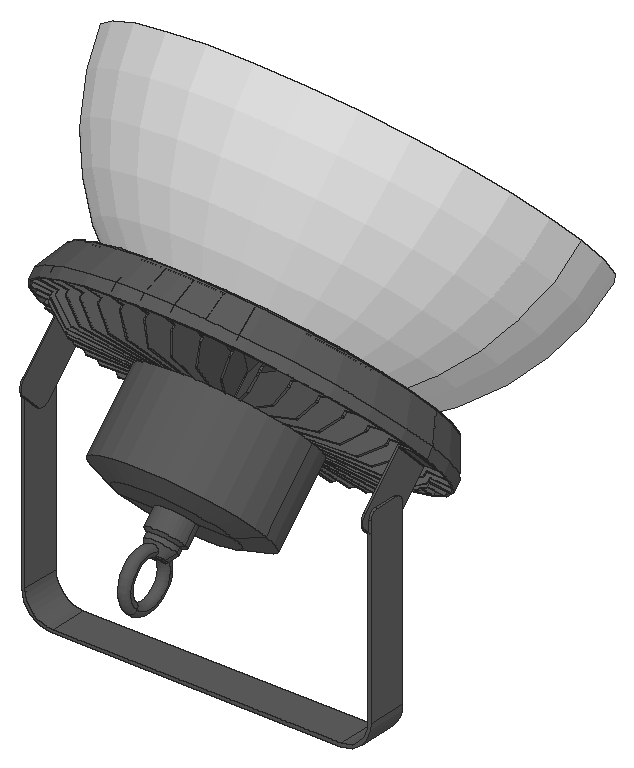
Revit family "0039367+0039355+0039359 Sylvania Lighting Fixture START HighBay IP65 DALI 26000lm 840 WB with BRACKET and ALU SHADE ALU COLOR FOR 26KLM", category Lighting Fixtures, host Face, Revit 2016
Family settings
  Host = Face
  Part Type = Normal
  Round Connector Dimension = Use Diameter
  OmniClass Number = 23.80.70.00
  OmniClass Title = Lighting
  Cut with Voids When Loaded = No
  Light Source = No
  Shared = No
  Room Calculation Point = No
Parameters (values of type "0039367+0039355+0039359  START HighBay IP65 DALI 26000lm 840 WB with BRACKET and ALU SHADE ALU COLOR FOR 26KLM")
  Weight = "3.7 kg"
  Wattage Comments = ""
  WarrantyStartDate [instance] = "n/a"
  WarrantyGuarantorParts = "n/a"
  WarrantyDurationUnit = "n/a"
  WarrantyDurationParts = "n/a"
  WarrantyDescription = "n/a"
  Voltage = 0 V
  URL = "http://www.sylvania-lighting.com"
  TypeName = "START HighBay IP65 DALI 26000lm 840 WB with BRACKET and ALU SHADE ALU COLOR FOR 26KLM"
  TypeHead_FEILO = Start LED Highbay DALI Head : 0039367+0039355+0039359 START HighBay IP65 DALI 26000lm 840 WB with BRACKET and ALU SHADE ALU COLOR FOR 26KLM
  Type Image = <None>
  Type Comments = "n/a"
  TiltAngle_FEILO [instance] = 45.00°
  ThicknessBracketPlate_FEILO = 3 mm
  SizeBracketS_FEILO = no
  SizeBracketM_FEILO = no
  SerialNumber [instance] = "n/a"
  RadiusBracketTop_FEILO = 7 mm
  RadiusBendOut_FEILO = if(SizeBracketS_FEILO, 18 mm, if(SizeBracketM_FEILO, 24 mm, 28 mm))  # 28 mm
  RadiusBendIn_FEILO = RadiusBendOut_FEILO - ThicknessBracketPlate_FEILO  # 25 mm
  Material_3_FEILO = none
  PowerFactor = 0.95
  PowerConsumption = "190 W"
  NominalLength = 339 mm
  NominalHeight = 189 mm
  NominalDepth = 339 mm
  Name = "START HighBay IP65 DALI 26000lm 840 WB with BRACKET and ALU SHADE ALU COLOR FOR 26KLM"
  ModelReference = Name  # "START HighBay IP65 DALI 26000lm 840 WB with BRACKET and ALU SHADE ALU COLOR FOR 26KLM"
  ModelNumber = "0039367+0039355+0039359"
  Model = Name  # "START HighBay IP65 DALI 26000lm 840 WB with BRACKET and ALU SHADE ALU COLOR FOR 26KLM"
  Material = "aluminium alloy housing, polycarbonate diffuser"
  ManufacturerName = "Feilo Sylvania"
  Manufacturer = "Feilo Sylvania"
  LuminousEfficacy = "130 lm/W"
  LuminaireType = ""
  LightOutputRatio = "n/a"
  LampsType = Lamp  # "LED"
  LampNominalLuminous = "24700 lm"
  LampMacAdamStep = "6"
  LampColourTemperature = "6500 K"
  LampColourRenderingIndex = "80"
  Lamp = "LED"
  Keynote = "16500"
  InstallationDate [instance] = "n/a"
  InputVoltage = "n/a"
  InputNominalFrequency = "50/60 Hz"
  IngressProtection = "IP65"
  ImpactProtectionIndex = "IK08"
  IfcExportType = "IfcLightFixtureType"
  IfcExportAs = "IfcLightFixtureType"
  ExpectedLife = 50000
  EndAngle_FEILO [instance] = TiltAngle_FEILO + 180.00°  # 225.00°
  ElectricShockClassification = "Class I"
  DurationUnit = "hours"
  DocumentationLiterature = "http://www.sylvania-lighting.com/product/en-int/products/0039367"
  DimmingControlOptions = "Dimmable"
  Material_2_FEILO = none
  Description = "START Highbay, includes 1 m cables, black aluminium housing, 24,700 Lm, 190 W, 130 Lm/W, 6500 K, drive current: 4100 mA, CRI 80, 90° beam angle, DALI dimmable, IP65, IK08, 50,000 hrs (L80/B50), (D x H) 339 x 189 mm."
  Default Elevation = 1219.2 mm
  CreatedOn = "5/15/2018"
  CreatedBy = "aron.fodor@sylvania-lighting.com"
  Cost = 0
  built-in parameter 1114216 [instance] = (empty or 0)
  ClassificationValue = "EF_70_80"
  ClassificationName = "Uniclass2015"
  Material_1_FEILO = Body-Sylvania-StartHighbay-Black
  BracketHeight_FEILO = if(SizeBracketS_FEILO, 199.5 mm, if(SizeBracketM_FEILO, 209.6 mm, 201.3 mm))  # 201.3 mm
  BracketDistanceInner_FEILO = if(SizeBracketS_FEILO, 249.4 mm, if(SizeBracketM_FEILO, 273.6 mm, 313.2 mm))  # 313.2 mm
  BarCode [instance] = "n/a"
  AssetType = "Fixed"
  AssetIdentifier [instance] = "n/a"
  Assembly Code = "D5020200"
  Apparent Load = 190 VA
  Material_4_FEILO = none
Reference planes
  plane 1 "Center (Front/Back)": y = 0
  plane 2: z = 0
  plane 3 "Center (Left/Right)": x = 0
  plane 4: x = -159.6
  plane 5: x = 159.6
  plane 6: z = 201.3
  plane 7: x = -156.6
  plane 8: z = 3
  plane 9: x = 156.6
  plane 10: y = 17.5
  plane 11: y = -17.5
  plane 12: y = -19.5
  plane 13: z = 203.3
  plane 14: y = 19.5
  plane 15: z = 192.3
Forms (mm)
  Extrusion 1, solid, material "Body-Sylvania-StartHighbay-Black" <- "Material_1_FEILO"
    sketch origin (0, 0, 0) x (1, 0, 0) y (0, 0, 1)
      loop
        line (-159.6, 201.3) -> (-159.6, 28)
        arc (-159.6, 28) -> (-151.399, 8.201) -> (-131.6, 0) r 28
        line (-131.6, 0) -> (131.6, 0)
        arc (131.6, 0) -> (151.399, 8.201) -> (159.6, 28) r 28
        line (159.6, 28) -> (159.6, 201.3) -> (156.6, 201.3) -> (156.6, 28)
        arc (156.6, 28) -> (149.278, 10.322) -> (131.6, 3) r 25
        line (131.6, 3) -> (-131.6, 3)
        arc (-131.6, 3) -> (-149.278, 10.322) -> (-156.6, 28) r 25
        line (-156.6, 28) -> (-156.6, 201.3) -> (-159.6, 201.3)
    from -17.5 to 17.5
  Extrusion 2, void
    sketch origin (0, 0, 0) x (0, 1, 0) y (0, 0, 1)
      loop
        arc (10.5, 201.3) -> (15.45, 199.25) -> (17.5, 194.3) r 7
        line (17.5, 194.3) -> (19.5, 194.3) -> (19.5, 203.3) -> (-19.5, 203.3) -> (-19.5, 194.3) -> (-17.5, 194.3)
        arc (-17.5, 194.3) -> (-15.45, 199.25) -> (-10.5, 201.3) r 7
        line (-10.5, 201.3) -> (10.5, 201.3)
    from -159.6 to 159.6
  Revolve 3, solid, not visible
    sketch origin (1223.4, -4572, 192.3) x (0, -1, 0) y (1, 0, 0)
      loop
        line (-4572, -1223.4) -> (-4591.5, -1223.4) -> (-4591.5, -1277.783) -> (-4572, -1277.783) -> (-4572, -1223.4)
      axis (-4572, -1223.4) -> (-4572, -1277.783)
    angle from 45 <- "TiltAngle_FEILO" to 225 <- "EndAngle_FEILO"
Cuts and joins
  Extrusion 2 cuts Extrusion 1
Dimensions and locks
  "BracketHeight_FEILO": plane 6 to plane 2
  equal spacing: plane 11, plane 1 "Center (Front/Back)", plane 10
  locked: plane 11 to plane 10 at 35
  equal spacing: plane 9, plane 3 "Center (Left/Right)", plane 7
  "BracketDistanceInner_FEILO": plane 9 to plane 7
  "ThicknessBracketPlate_FEILO": plane 7 to plane 4
  "ThicknessBracketPlate_FEILO": plane 8 to plane 2
  equal spacing: plane 5, plane 3 "Center (Left/Right)", plane 4
  equal spacing: plane 12, plane 1 "Center (Front/Back)", plane 14
  locked: plane 6 to plane 13 at 2
  locked: plane 12 to plane 11 at 2
  locked: plane 6 to plane 15 at 9
  "RadiusBendOut_FEILO": radius of Extrusion 1 sketch curve  (x2)
  "RadiusBendIn_FEILO": radius of Extrusion 1 sketch curve  (x2)
  "RadiusBracketTop_FEILO": radius of Extrusion 2 sketch curve  (x2)
  aligned and locked: plane 2 to host face
  aligned and locked: level to host face
  aligned and locked: Extrusion 1 sketch curve to plane 4
  aligned and locked: Extrusion 1 sketch curve to level
  aligned and locked: plane 6 to Extrusion 1 sketch curve
  aligned and locked: Extrusion 1 sketch curve to plane 6
  aligned and locked: Extrusion 1 sketch curve to plane 7
  aligned and locked: plane 9 to Extrusion 1 sketch curve
  aligned and locked: plane 8 to Extrusion 1 sketch curve
  aligned and locked: Extrusion 1 to plane 10
  aligned and locked: plane 11 to Extrusion 1
  aligned and locked: Extrusion 1 to Extrusion 2 sketch curve
  aligned and locked: plane 14 to Extrusion 2 sketch curve  (x2)
  aligned and locked: Extrusion 2 sketch curve to plane 12
  aligned and locked: plane 13 to Extrusion 2 sketch curve
  aligned and locked: plane 5 to Extrusion 2
  aligned and locked: Extrusion 2 to plane 4
  aligned and locked: Revolve 3 sketch curve to plane 1 "Center (Front/Back)"
  aligned and locked: Revolve 3 sketch curve to Revolve 3 sketch curve
  aligned and locked: plane 3 "Center (Left/Right)" to Revolve 3 sketch curve
  aligned and locked: Revolve 3 sketch curve to plane 14
  aligned and locked: nested 1 to plane 3 "Center (Left/Right)"
Automatic sketch dimensions
  host sketch curve to host sketch curve = 2438.4 mm  (x2)
  Revolve 3 sketch curve to Revolve 3 sketch curve = 54.383 mm
  Revolve 3 sketch curve to plane 4 = 1396.3 mm
  plane 5 to Revolve 3 sketch curve = 1396.3 mm
  Extrusion 1 sketch curve to Extrusion 1 sketch curve = 0 mm
  Extrusion 2 sketch curve to plane 11 = 0 mm
  Extrusion 2 sketch curve to plane 10 = 0 mm
Nested families
  nested 1: "Start LED Highbay DALI Head" at (0, 0, 192.3) x (-1, 0, 0) z (0, 0.7071, 0.7071), type <- "TypeHead_FEILO", type "0039367+0039355+0039359 START HighBay IP65 DALI 26000lm 840 WB with BRACKET and ALU SHADE ALU COLOR FOR 26KLM"
    with built-in parameter 1114216 (empty or 0)
Connectors
  electrical at (0, 0, 0), driven by "Apparent Load", driven by "PowerFactor", driven by "Voltage"
    settings: index 1, voltage 0 V, apparent load 190 VA, apparent load phase1 0 VA, apparent load phase2 0 VA, apparent load phase3 0 VA, power factor 0.95, load classification "Lighting", number of poles 1, system type 30, power factor state 1, is connector primary yes, connector utility no, sub classification motor no, connector description ""
Definition of nested family "Start LED Highbay DALI Head"
  Parameters (values of type "0039367+0039355+0039361 START HighBay IP65 DALI 26000lm 840 WB with BRACKET and PC LAMPSHADE TRANSPARENT FOR 26KLM")
    X_FEILO = if(SizeS_FEILO, 60.3 mm, if(SizeM_FEILO, 70.4 mm, 83.5 mm))  # 83.5 mm
    WidthStraight_FEILO = if(SizeS_FEILO, 3 mm, if(SizeM_FEILO, 4 mm, 4.7 mm))  # 4.7 mm
    WidthRingChamfer_FEILO = if(SizeS_FEILO, 10.3 mm, if(SizeM_FEILO, 11.2 mm, 12.9 mm))  # 12.9 mm
    WidthCurved_FEILO = if(SizeS_FEILO, 17.4 mm, if(SizeM_FEILO, 16.4 mm, 26.2 mm))  # 26.2 mm
    WidthCurvedRing_FEILO = if(SizeS_FEILO, 3 mm, if(SizeM_FEILO, 4 mm, 4.7 mm))  # 4.7 mm
    WidthBracket_FEILO = 40 mm
    Wattage Comments = ""
    Wattage = 190 W
    built-in parameter 1150110 = 1 (stored number, unit not read)
    URL = "http://www.sylvania-lighting.com"
    Type Image = (empty or 0)
    Type Comments = "n/a"
    built-in parameter 1114217 = 1 (stored number, unit not read)
    Tilt Angle = -90.00°
    ThicknessWall_FEILO = 1.5 mm
    ThicknessBracket_FEILO = 1.5 mm
    ThicknessBracketHalf_FEILO = ThicknessBracket_FEILO / 2  # 0.75 mm
    built-in parameter 1150109 = 1 (stored number, unit not read)
    built-in parameter 1150134 = 1
    built-in parameter 1150113 = 1 (stored number, unit not read)
    SizeS_FEILO = no
    SizeM_FEILO = no
    ShadeThickness_FEILO = 3 mm
    ShadeSizeSM_FEILO = or(SizeS_FEILO, SizeM_FEILO)  # no
    ShadeRadiusOut_FEILO = 205 mm
    ShadeRadiusIn_FEILO = if(ShadeSizeSM_FEILO, 95 mm, 121 mm)  # 121 mm
    ShadeRadiusBend_FEILO = if(ShadeSizeSM_FEILO, 210 mm, 210 mm)  # 210 mm
    ShadeOn_FEILO = yes
    ShadeHeight_FEILO = if(ShadeSizeSM_FEILO, 120 mm, 151 mm)  # 151 mm
    Rib4_FEILO = if(SizeS_FEILO, 18.1 mm, if(SizeM_FEILO, 13.6 mm, 14.6 mm))  # 14.6 mm
    Rib3_FEILO = if(SizeS_FEILO, 15.3 mm, if(SizeM_FEILO, 17.6 mm, 20.2 mm))  # 20.2 mm
    Rib2_FEILO = if(SizeS_FEILO, 3.6 mm, if(SizeM_FEILO, 3.9 mm, 4.5 mm))  # 4.5 mm
    Rib1_FEILO = if(SizeS_FEILO, 15.1 mm, if(SizeM_FEILO, 16.5 mm, 19 mm))  # 19 mm
    RadiusDiffuser_FEILO = if(SizeS_FEILO, 95.2 mm, if(SizeM_FEILO, 105.3 mm, 120 mm))  # 120 mm
    RadiusArrayPost_FEILO = DriverRadius_FEILO - 6 mm  # 70.4 mm
    RHRadius3_FEILO = if(SizeS_FEILO, 6.6 mm, if(SizeM_FEILO, 7.4 mm, 8.6 mm))  # 8.6 mm
    RHRadius2_FEILO = if(SizeS_FEILO, 11 mm, if(SizeM_FEILO, 12 mm, 14 mm))  # 14 mm
    RHRadius1_FEILO = if(SizeS_FEILO, 13.6 mm, if(SizeM_FEILO, 14.9 mm, 17.7 mm))  # 17.7 mm
    RHHeight4_FEILO = if(SizeS_FEILO, 7.3 mm, if(SizeM_FEILO, 8 mm, 9.2 mm))  # 9.2 mm
    RHHeight3_FEILO = if(SizeS_FEILO, 3.6 mm, if(SizeM_FEILO, 3.7 mm, 4.6 mm))  # 4.6 mm
    RHHeight2_FEILO = if(SizeS_FEILO, 2 mm, if(SizeM_FEILO, 2.2 mm, 2.6 mm))  # 2.6 mm
    RHHeight1_FEILO = if(SizeS_FEILO, 11.8 mm, if(SizeM_FEILO, 15.3 mm, 17.4 mm))  # 17.4 mm
    Photometric Web File = "0039367+0039361.ies"
    Material_5_FEILO = none
    Material_3_FEILO = none
    Model = "START HighBay IP65 DALI 26000lm 840 WB with BRACKET and PC LAMPSHADE TRANSPARENT FOR 26KLM"
    Manufacturer = "Feilo Sylvania"
    built-in parameter 1150105 = 33385.3 (stored number, unit not read)
    Lumens = 24700 lm
    built-in parameter 1150115 = 1 (stored number, unit not read)
    built-in parameter 1150137 = (empty or 0)
    built-in parameter 1150139 = (empty or 0)
    built-in parameter 1150112 = 1 (stored number, unit not read)
    built-in parameter 1150114 = 1 (stored number, unit not read)
    Lamp = "LED"
    Keynote = "16500"
    built-in parameter 1150132 = (empty or 0)
    built-in parameter 1150102 = (empty or 0)
    built-in parameter 1150107 = 6500 (stored number, unit not read)
    built-in parameter 1150138 = (empty or 0)
    built-in parameter 1150106 = 333.85 (stored number, unit not read)
    HeightRing_FEILO = if(SizeS_FEILO, 19.8 mm, if(SizeM_FEILO, 32 mm, 36.8 mm))  # 36.8 mm
    HeightRingChamfer_FEILO = if(SizeS_FEILO, 11.7 mm, if(SizeM_FEILO, 23.2 mm, 26.6 mm))  # 26.6 mm
    EyeThickness_FEILO = if(SizeS_FEILO, 8.4 mm, if(SizeM_FEILO, 9.2 mm, 10.5 mm))  # 10.5 mm
    EyeThicknessHalf_FEILO = EyeThickness_FEILO / 2  # 5.25 mm
    EyeInner_FEILO = if(SizeS_FEILO, 13.8 mm, if(SizeM_FEILO, 15.1 mm, 17.3 mm))  # 17.3 mm
    Emit from Circle Diameter = RadiusDiffuser_FEILO * 2  # 240 mm
    Emit Shape Visible in Rendering = no
    built-in parameter 1150104 = 12.077 (stored number, unit not read)
    DriverVerticalStraight_FEILO = if(SizeS_FEILO, 46.5 mm, if(SizeM_FEILO, 49.7 mm, 57 mm))  # 57 mm
    DriverVerticalChamfer_FEILO = if(SizeS_FEILO, 7.5 mm, if(SizeM_FEILO, 8.2 mm, 9.5 mm))  # 9.5 mm
    DriverRadius_FEILO = if(SizeS_FEILO, 61.4 mm, if(SizeM_FEILO, 67.2 mm, 76.4 mm))  # 76.4 mm
    DriverRadiusTop_FEILO = if(SizeS_FEILO, 42 mm, if(SizeM_FEILO, 45.3 mm, 52.4 mm))  # 52.4 mm
    DriverBottom_FEILO = if(SizeS_FEILO, 56 mm, if(SizeM_FEILO, 64.5 mm, 74 mm))  # 74 mm
    Material_2_FEILO = none
    Radius_FEILO = if(SizeS_FEILO, 135 mm, if(SizeM_FEILO, 148 mm, 169.5 mm))  # 169.5 mm
    Dimming Lamp Color Temperature Shift = (empty or 0)
    DiameterWire_FEILO = 3 mm
    DiameterWireSupport_FEILO = 10 mm
    Description = "START Highbay, includes 1 m cables, black aluminium housing, 24,700 Lm, 190 W, 130 Lm/W, 6500 K, drive current: 4100 mA, CRI 80, 90° beam angle, DALI dimmable, IP65, IK08, 50,000 hrs (L80/B50), (D x H) 339 x 189 mm."
    Default Elevation = 1219.2 mm
    Cost = 0
    Color Filter = 16777215
    built-in parameter 1114216 [instance] = (empty or 0)
    Material_1_FEILO = none
    built-in parameter 1114218 = 1 (stored number, unit not read)
    built-in parameter 1150133 = 10 (stored number, unit not read)
    Assembly Code = "D5020200"
    Apparent Load = 190 VA
    Material_4_FEILO = none
  Types (24, lengths in mm): name | X_FEILO | WidthStraight_FEILO | WidthRingChamfer_FEILO | WidthCurved_FEILO | WidthCurvedRing_FEILO | Wattage | built-in parameter 1150134 | SizeS_FEILO | SizeM_FEILO | ShadeSizeSM_FEILO | ShadeRadiusIn_FEILO | ShadeOn_FEILO | ShadeHeight_FEILO | Rib4_FEILO | Rib3_FEILO | Rib2_FEILO | Rib1_FEILO | RadiusDiffuser_FEILO | RadiusArrayPost_FEILO | RHRadius3_FEILO | RHRadius2_FEILO | RHRadius1_FEILO | RHHeight4_FEILO | RHHeight3_FEILO | RHHeight2_FEILO | RHHeight1_FEILO | Photometric Web File | Model | built-in parameter 1150105 | Lumens | built-in parameter 1150107 | built-in parameter 1150106 | HeightRing_FEILO | HeightRingChamfer_FEILO | EyeThickness_FEILO | EyeThicknessHalf_FEILO | EyeInner_FEILO | Emit from Circle Diameter | DriverVerticalStraight_FEILO | DriverVerticalChamfer_FEILO | DriverRadius_FEILO | DriverRadiusTop_FEILO | DriverBottom_FEILO | Radius_FEILO | Description | Apparent Load
    0039367+0039355+0039361 START HighBay IP65 DALI 26000lm 840 WB with BRACKET and PC LAMPSHADE TRANSPARENT FOR 26KLM | 83.5 | 4.7 | 12.9 | 26.2 | 4.7 | 190 W | 1 | no | no | no | 121 | yes | 151 | 14.6 | 20.2 | 4.5 | 19 | 120 | 70.4 | 8.6 | 14 | 17.7 | 9.2 | 4.6 | 2.6 | 17.4 | "0039367+0039361.ies" | "START HighBay IP65 DALI 26000lm 840 WB with BRACKET and PC LAMPSHADE TRANSPARENT FOR 26KLM" | 33385.3 (stored number, unit not read) | 24700 lm | 6500 (stored number, unit not read) | 333.85 (stored number, unit not read) | 36.8 | 26.6 | 10.5 | 5.25 | 17.3 | 240 | 57 | 9.5 | 76.4 | 52.4 | 74 | 169.5 | "START Highbay, includes 1 m cables, black aluminium housing, 24,700 Lm, 190 W, 130 Lm/W, 6500 K, drive current: 4100 mA, CRI 80, 90° beam angle, DALI dimmable, IP65, IK08, 50,000 hrs (L80/B50), (D x H) 339 x 189 mm." | 190 VA
    0039367+0039355+0039360 START HighBay IP65 DALI 26000lm 840 WB with BRACKET and ALU SHADE BLACK COLOR FOR 26KLM | 83.5 | 4.7 | 12.9 | 26.2 | 4.7 | 190 W | 1 | no | no | no | 121 | yes | 151 | 14.6 | 20.2 | 4.5 | 19 | 120 | 70.4 | 8.6 | 14 | 17.7 | 9.2 | 4.6 | 2.6 | 17.4 | "0039367+0039360.ies" | "START HighBay IP65 DALI 26000lm 840 WB with BRACKET and ALU SHADE BLACK COLOR FOR 26KLM" | 33569.2 (stored number, unit not read) | 24700 lm | 6500 (stored number, unit not read) | 335.69 (stored number, unit not read) | 36.8 | 26.6 | 10.5 | 5.25 | 17.3 | 240 | 57 | 9.5 | 76.4 | 52.4 | 74 | 169.5 | "START Highbay, includes 1 m cables, black aluminium housing, 24,700 Lm, 190 W, 130 Lm/W, 6500 K, drive current: 4100 mA, CRI 80, 90° beam angle, DALI dimmable, IP65, IK08, 50,000 hrs (L80/B50), (D x H) 339 x 189 mm." | 190 VA
    0039367+0039355+0039359 START HighBay IP65 DALI 26000lm 840 WB with BRACKET and ALU SHADE ALU COLOR FOR 26KLM | 83.5 | 4.7 | 12.9 | 26.2 | 4.7 | 190 W | 1 | no | no | no | 121 | yes | 151 | 14.6 | 20.2 | 4.5 | 19 | 120 | 70.4 | 8.6 | 14 | 17.7 | 9.2 | 4.6 | 2.6 | 17.4 | "0039367+0039359.ies" | "START HighBay IP65 DALI 26000lm 840 WB with BRACKET and ALU SHADE ALU COLOR FOR 26KLM" | 33569.2 (stored number, unit not read) | 24700 lm | 6500 (stored number, unit not read) | 335.69 (stored number, unit not read) | 36.8 | 26.6 | 10.5 | 5.25 | 17.3 | 240 | 57 | 9.5 | 76.4 | 52.4 | 74 | 169.5 | "START Highbay, includes 1 m cables, black aluminium housing, 24,700 Lm, 190 W, 130 Lm/W, 6500 K, drive current: 4100 mA, CRI 80, 90° beam angle, DALI dimmable, IP65, IK08, 50,000 hrs (L80/B50), (D x H) 339 x 189 mm." | 190 VA
    0039367+0039355 START HighBay IP65 DALI 26000lm 840 WB with BRACKET | 83.5 | 4.7 | 12.9 | 26.2 | 4.7 | 190 W | 1 | no | no | no | 121 | no | 151 | 14.6 | 20.2 | 4.5 | 19 | 120 | 70.4 | 8.6 | 14 | 17.7 | 9.2 | 4.6 | 2.6 | 17.4 | "0039367.ies" | "START HighBay IP65 DALI 26000lm 840 WB with BRACKET" | 13532 (stored number, unit not read) | 24700 lm | 6500 (stored number, unit not read) | 135.32 (stored number, unit not read) | 36.8 | 26.6 | 10.5 | 5.25 | 17.3 | 240 | 57 | 9.5 | 76.4 | 52.4 | 74 | 169.5 | "START Highbay, includes 1 m cables, black aluminium housing, 24,700 Lm, 190 W, 130 Lm/W, 6500 K, drive current: 4100 mA, CRI 80, 90° beam angle, DALI dimmable, IP65, IK08, 50,000 hrs (L80/B50), (D x H) 339 x 189 mm." | 190 VA
    0039366+0039354+0039358 START HighBay IP65 DALI 19000lm 840 WB with BRACKET and PC LAMPSHADE TRANSPARENT 13/19KLM | 70.4 | 4 | 11.2 | 16.4 | 4 | 150 W | 1 | no | yes | yes | 95 | yes | 120 | 13.6 | 17.6 | 3.9 | 16.5 | 105.3 | 61.2 | 7.4 | 12 | 14.9 | 8 | 3.7 | 2.2 | 15.3 | "0039366+0039358.ies" | "START HighBay IP65 DALI 19000lm 840 WB with BRACKET and PC LAMPSHADE TRANSPARENT 13/19KLM" | 26356.9 (stored number, unit not read) | 19500 lm | 6500 (stored number, unit not read) | 263.57 (stored number, unit not read) | 32 | 23.2 | 9.2 | 4.6 | 15.1 | 210.6 | 49.7 | 8.2 | 67.2 | 45.3 | 64.5 | 148 | "START Highbay, includes 1 m cables, black aluminium housing, 19,500 Lm, 150 W, 130 Lm/W, 6500 K, drive current: 3300 mA, CRI 80, 90° beam angle, DALI dimmable, IP65, IK08, 50,000 hrs (L80/B50), (D x H) 296 x 172 mm." | 150 VA
    0039366+0039354+0039357 START HighBay IP65 DALI 19000lm 840 WB with BRACKET and ALU SHADE BLACK COLOR FOR 13/19KLM | 70.4 | 4 | 11.2 | 16.4 | 4 | 150 W | 1 | no | yes | yes | 95 | yes | 120 | 13.6 | 17.6 | 3.9 | 16.5 | 105.3 | 61.2 | 7.4 | 12 | 14.9 | 8 | 3.7 | 2.2 | 15.3 | "0039366+0039357.ies" | "START HighBay IP65 DALI 19000lm 840 WB with BRACKET and ALU SHADE BLACK COLOR FOR 13/19KLM" | 26502 (stored number, unit not read) | 19500 lm | 6500 (stored number, unit not read) | 265.02 (stored number, unit not read) | 32 | 23.2 | 9.2 | 4.6 | 15.1 | 210.6 | 49.7 | 8.2 | 67.2 | 45.3 | 64.5 | 148 | "START Highbay, includes 1 m cables, black aluminium housing, 19,500 Lm, 150 W, 130 Lm/W, 6500 K, drive current: 3300 mA, CRI 80, 90° beam angle, DALI dimmable, IP65, IK08, 50,000 hrs (L80/B50), (D x H) 296 x 172 mm." | 150 VA
    0039366+0039354+0039356 START HighBay IP65 DALI 19000lm 840 WB with BRACKET and ALU SHADE ALU COLOR FOR 13/19KLM | 70.4 | 4 | 11.2 | 16.4 | 4 | 150 W | 1 | no | yes | yes | 95 | yes | 120 | 13.6 | 17.6 | 3.9 | 16.5 | 105.3 | 61.2 | 7.4 | 12 | 14.9 | 8 | 3.7 | 2.2 | 15.3 | "0039366+0039356.ies" | "START HighBay IP65 DALI 19000lm 840 WB with BRACKET and ALU SHADE ALU COLOR FOR 13/19KLM" | 26502 (stored number, unit not read) | 19500 lm | 6500 (stored number, unit not read) | 265.02 (stored number, unit not read) | 32 | 23.2 | 9.2 | 4.6 | 15.1 | 210.6 | 49.7 | 8.2 | 67.2 | 45.3 | 64.5 | 148 | "START Highbay, includes 1 m cables, black aluminium housing, 19,500 Lm, 150 W, 130 Lm/W, 6500 K, drive current: 3300 mA, CRI 80, 90° beam angle, DALI dimmable, IP65, IK08, 50,000 hrs (L80/B50), (D x H) 296 x 172 mm." | 150 VA
    0039366+0039354 START HighBay IP65 DALI 19000lm 840 WB with BRACKET | 70.4 | 4 | 11.2 | 16.4 | 4 | 150 W | 1 | no | yes | yes | 95 | no | 120 | 13.6 | 17.6 | 3.9 | 16.5 | 105.3 | 61.2 | 7.4 | 12 | 14.9 | 8 | 3.7 | 2.2 | 15.3 | "0039366.ies" | "START HighBay IP65 DALI 19000lm 840 WB with BRACKET" | 10981.5 (stored number, unit not read) | 19500 lm | 6500 (stored number, unit not read) | 109.82 (stored number, unit not read) | 32 | 23.2 | 9.2 | 4.6 | 15.1 | 210.6 | 49.7 | 8.2 | 67.2 | 45.3 | 64.5 | 148 | "START Highbay, includes 1 m cables, black aluminium housing, 19,500 Lm, 150 W, 130 Lm/W, 6500 K, drive current: 3300 mA, CRI 80, 90° beam angle, DALI dimmable, IP65, IK08, 50,000 hrs (L80/B50), (D x H) 296 x 172 mm." | 150 VA
    0039365+0039353+0039358 START HighBay IP65 DALI 13000lm 840 WB with BRACKET and PC LAMPSHADE TRANSPARENT 13/19KLM | 60.3 | 3 | 10.3 | 17.4 | 3 | 90 W | 1 | yes | no | yes | 95 | yes | 120 | 18.1 | 15.3 | 3.6 | 15.1 | 95.2 | 55.4 | 6.6 | 11 | 13.6 | 7.3 | 3.6 | 2 | 11.8 | "0039365+0039358.ies" | "START HighBay IP65 DALI 13000lm 840 WB with BRACKET and PC LAMPSHADE TRANSPARENT 13/19KLM" | 15814.1 (stored number, unit not read) | 11700 lm | 6500 (stored number, unit not read) | 158.14 (stored number, unit not read) | 19.8 | 11.7 | 8.4 | 4.2 | 13.8 | 190.4 | 46.5 | 7.5 | 61.4 | 42 | 56 | 135 | "START Highbay, includes 1 m cables, black aluminium housing, 11,700 Lm, 90 W, 130 Lm/W, 6500 K, drive current: 2000 mA, CRI 80, 90° beam angle, DALI dimmable, IP65, IK08, 50,000 hrs (L80/B50), (D x H) 270 x 175 mm." | 90 VA
    0039365+0039353+0039357 START HighBay IP65 DALI 13000lm 840 WB with BRACKET and ALU SHADE BLACK COLOR FOR 13/19KLM | 60.3 | 3 | 10.3 | 17.4 | 3 | 90 W | 1 | yes | no | yes | 95 | yes | 120 | 18.1 | 15.3 | 3.6 | 15.1 | 95.2 | 55.4 | 6.6 | 11 | 13.6 | 7.3 | 3.6 | 2 | 11.8 | "0039365+0039357.ies" | "START HighBay IP65 DALI 13000lm 840 WB with BRACKET and ALU SHADE BLACK COLOR FOR 13/19KLM" | 15901.2 (stored number, unit not read) | 11700 lm | 6500 (stored number, unit not read) | 159.01 (stored number, unit not read) | 19.8 | 11.7 | 8.4 | 4.2 | 13.8 | 190.4 | 46.5 | 7.5 | 61.4 | 42 | 56 | 135 | "START Highbay, includes 1 m cables, black aluminium housing, 11,700 Lm, 90 W, 130 Lm/W, 6500 K, drive current: 2000 mA, CRI 80, 90° beam angle, DALI dimmable, IP65, IK08, 50,000 hrs (L80/B50), (D x H) 270 x 175 mm." | 90 VA
    0039365+0039353+0039356 START HighBay IP65 DALI 13000lm 840 WB with BRACKET and ALU SHADE ALU COLOR FOR 13/19KLM | 60.3 | 3 | 10.3 | 17.4 | 3 | 90 W | 1 | yes | no | yes | 95 | yes | 120 | 18.1 | 15.3 | 3.6 | 15.1 | 95.2 | 55.4 | 6.6 | 11 | 13.6 | 7.3 | 3.6 | 2 | 11.8 | "0039365+0039356.ies" | "START HighBay IP65 DALI 13000lm 840 WB with BRACKET and ALU SHADE ALU COLOR FOR 13/19KLM" | 15901.2 (stored number, unit not read) | 11700 lm | 6500 (stored number, unit not read) | 159.01 (stored number, unit not read) | 19.8 | 11.7 | 8.4 | 4.2 | 13.8 | 190.4 | 46.5 | 7.5 | 61.4 | 42 | 56 | 135 | "START Highbay, includes 1 m cables, black aluminium housing, 11,700 Lm, 90 W, 130 Lm/W, 6500 K, drive current: 2000 mA, CRI 80, 90° beam angle, DALI dimmable, IP65, IK08, 50,000 hrs (L80/B50), (D x H) 270 x 175 mm." | 90 VA
    0039365+0039353 START HighBay IP65 DALI 13000lm 840 WB with BRACKET | 60.3 | 3 | 10.3 | 17.4 | 3 | 90 W | 1 | yes | no | yes | 95 | no | 120 | 18.1 | 15.3 | 3.6 | 15.1 | 95.2 | 55.4 | 6.6 | 11 | 13.6 | 7.3 | 3.6 | 2 | 11.8 | "0039365.ies" | "START HighBay IP65 DALI 13000lm 840 WB with BRACKET" | 6365.5 (stored number, unit not read) | 11700 lm | 6500 (stored number, unit not read) | 63.655 (stored number, unit not read) | 19.8 | 11.7 | 8.4 | 4.2 | 13.8 | 190.4 | 46.5 | 7.5 | 61.4 | 42 | 56 | 135 | "START Highbay, includes 1 m cables, black aluminium housing, 11,700 Lm, 90 W, 130 Lm/W, 6500 K, drive current: 2000 mA, CRI 80, 90° beam angle, DALI dimmable, IP65, IK08, 50,000 hrs (L80/B50), (D x H) 270 x 175 mm." | 90 VA
    0039364+0039355+0039361 START HighBay IP65 DALI 26000lm 840 MB with BRACKET and PC LAMPSHADE TRANSPARENT FOR 26KLM | 83.5 | 4.7 | 12.9 | 26.2 | 4.7 | 190 W | 12 | no | no | no | 121 | yes | 151 | 14.6 | 20.2 | 4.5 | 19 | 120 | 70.4 | 8.6 | 14 | 17.7 | 9.2 | 4.6 | 2.6 | 17.4 | "0039364+0039361.ies" | "START HighBay IP65 DALI 26000lm 840 MB with BRACKET and PC LAMPSHADE TRANSPARENT FOR 26KLM" | 33385.3 (stored number, unit not read) | 24700 lm | 4000 (stored number, unit not read) | 333.85 (stored number, unit not read) | 36.8 | 26.6 | 10.5 | 5.25 | 17.3 | 240 | 57 | 9.5 | 76.4 | 52.4 | 74 | 169.5 | "START Highbay, includes 1 m cables, black aluminium housing, 24,700 Lm, 190 W, 130 Lm/W, 4000 K, drive current: 4100 mA, CRI 80, 60° beam angle, DALI dimmable, IP65, IK08, 50,000 hrs (L80/B50), (D x H) 339 x 189 mm." | 190 VA
    0039364+0039355+0039360 START HighBay IP65 DALI 26000lm 840 MB with BRACKET and ALU SHADE BLACK COLOR FOR 26KLM | 83.5 | 4.7 | 12.9 | 26.2 | 4.7 | 190 W | 12 | no | no | no | 121 | yes | 151 | 14.6 | 20.2 | 4.5 | 19 | 120 | 70.4 | 8.6 | 14 | 17.7 | 9.2 | 4.6 | 2.6 | 17.4 | "0039364+0039360.ies" | "START HighBay IP65 DALI 26000lm 840 MB with BRACKET and ALU SHADE BLACK COLOR FOR 26KLM" | 33569.2 (stored number, unit not read) | 24700 lm | 4000 (stored number, unit not read) | 335.69 (stored number, unit not read) | 36.8 | 26.6 | 10.5 | 5.25 | 17.3 | 240 | 57 | 9.5 | 76.4 | 52.4 | 74 | 169.5 | "START Highbay, includes 1 m cables, black aluminium housing, 24,700 Lm, 190 W, 130 Lm/W, 4000 K, drive current: 4100 mA, CRI 80, 60° beam angle, DALI dimmable, IP65, IK08, 50,000 hrs (L80/B50), (D x H) 339 x 189 mm." | 190 VA
    0039364+0039355+0039359 START HighBay IP65 DALI 26000lm 840 MB with BRACKET and ALU SHADE ALU COLOR FOR 26KLM | 83.5 | 4.7 | 12.9 | 26.2 | 4.7 | 190 W | 12 | no | no | no | 121 | yes | 151 | 14.6 | 20.2 | 4.5 | 19 | 120 | 70.4 | 8.6 | 14 | 17.7 | 9.2 | 4.6 | 2.6 | 17.4 | "0039364+0039359.ies" | "START HighBay IP65 DALI 26000lm 840 MB with BRACKET and ALU SHADE ALU COLOR FOR 26KLM" | 33569.2 (stored number, unit not read) | 24700 lm | 4000 (stored number, unit not read) | 335.69 (stored number, unit not read) | 36.8 | 26.6 | 10.5 | 5.25 | 17.3 | 240 | 57 | 9.5 | 76.4 | 52.4 | 74 | 169.5 | "START Highbay, includes 1 m cables, black aluminium housing, 24,700 Lm, 190 W, 130 Lm/W, 4000 K, drive current: 4100 mA, CRI 80, 60° beam angle, DALI dimmable, IP65, IK08, 50,000 hrs (L80/B50), (D x H) 339 x 189 mm." | 190 VA
    0039364+0039355 START HighBay IP65 DALI 26000lm 840 MB with BRACKET | 83.5 | 4.7 | 12.9 | 26.2 | 4.7 | 190 W | 12 | no | no | no | 121 | no | 151 | 14.6 | 20.2 | 4.5 | 19 | 120 | 70.4 | 8.6 | 14 | 17.7 | 9.2 | 4.6 | 2.6 | 17.4 | "0039364.ies" | "START HighBay IP65 DALI 26000lm 840 MB with BRACKET" | 26901.8 (stored number, unit not read) | 24700 lm | 4000 (stored number, unit not read) | 269.02 (stored number, unit not read) | 36.8 | 26.6 | 10.5 | 5.25 | 17.3 | 240 | 57 | 9.5 | 76.4 | 52.4 | 74 | 169.5 | "START Highbay, includes 1 m cables, black aluminium housing, 24,700 Lm, 190 W, 130 Lm/W, 4000 K, drive current: 4100 mA, CRI 80, 60° beam angle, DALI dimmable, IP65, IK08, 50,000 hrs (L80/B50), (D x H) 339 x 189 mm." | 190 VA
    0039363+0039354+0039358 START HighBay IP65 DALI 19000lm 840 MB with BRACKET and PC LAMPSHADE TRANSPARENT 13/19KLM | 70.4 | 4 | 11.2 | 16.4 | 4 | 150 W | 12 | no | yes | yes | 95 | yes | 120 | 13.6 | 17.6 | 3.9 | 16.5 | 105.3 | 61.2 | 7.4 | 12 | 14.9 | 8 | 3.7 | 2.2 | 15.3 | "0039363+0039358.ies" | "START HighBay IP65 DALI 19000lm 840 MB with BRACKET and PC LAMPSHADE TRANSPARENT 13/19KLM" | 26356.9 (stored number, unit not read) | 19500 lm | 4000 (stored number, unit not read) | 263.57 (stored number, unit not read) | 32 | 23.2 | 9.2 | 4.6 | 15.1 | 210.6 | 49.7 | 8.2 | 67.2 | 45.3 | 64.5 | 148 | "START Highbay, includes 1 m cables, black aluminium housing, 19,500 Lm, 150 W, 130 Lm/W, 4000 K, drive current: 3300 mA, CRI 80, 60° beam angle, DALI dimmable, IP65, IK08, 50,000 hrs (L80/B50), (D x H) 296 x 172 mm." | 150 VA
    0039363+0039354+0039357 START HighBay IP65 DALI 19000lm 840 MB with BRACKET and ALU SHADE BLACK COLOR FOR 13/19KLM | 70.4 | 4 | 11.2 | 16.4 | 4 | 150 W | 12 | no | yes | yes | 95 | yes | 120 | 13.6 | 17.6 | 3.9 | 16.5 | 105.3 | 61.2 | 7.4 | 12 | 14.9 | 8 | 3.7 | 2.2 | 15.3 | "0039363+0039357.ies" | "START HighBay IP65 DALI 19000lm 840 MB with BRACKET and ALU SHADE BLACK COLOR FOR 13/19KLM" | 26502 (stored number, unit not read) | 19500 lm | 4000 (stored number, unit not read) | 265.02 (stored number, unit not read) | 32 | 23.2 | 9.2 | 4.6 | 15.1 | 210.6 | 49.7 | 8.2 | 67.2 | 45.3 | 64.5 | 148 | "START Highbay, includes 1 m cables, black aluminium housing, 19,500 Lm, 150 W, 130 Lm/W, 4000 K, drive current: 3300 mA, CRI 80, 60° beam angle, DALI dimmable, IP65, IK08, 50,000 hrs (L80/B50), (D x H) 296 x 172 mm." | 150 VA
    0039363+0039354+0039356 START HighBay IP65 DALI 19000lm 840 MB with BRACKET and ALU SHADE ALU COLOR FOR 13/19KLM | 70.4 | 4 | 11.2 | 16.4 | 4 | 150 W | 12 | no | yes | yes | 95 | yes | 120 | 13.6 | 17.6 | 3.9 | 16.5 | 105.3 | 61.2 | 7.4 | 12 | 14.9 | 8 | 3.7 | 2.2 | 15.3 | "0039363+0039356.ies" | "START HighBay IP65 DALI 19000lm 840 MB with BRACKET and ALU SHADE ALU COLOR FOR 13/19KLM" | 26502 (stored number, unit not read) | 19500 lm | 4000 (stored number, unit not read) | 265.02 (stored number, unit not read) | 32 | 23.2 | 9.2 | 4.6 | 15.1 | 210.6 | 49.7 | 8.2 | 67.2 | 45.3 | 64.5 | 148 | "START Highbay, includes 1 m cables, black aluminium housing, 19,500 Lm, 150 W, 130 Lm/W, 4000 K, drive current: 3300 mA, CRI 80, 60° beam angle, DALI dimmable, IP65, IK08, 50,000 hrs (L80/B50), (D x H) 296 x 172 mm." | 150 VA
    0039363+0039354 START HighBay IP65 DALI 19000lm 840 MB with BRACKET | 70.4 | 4 | 11.2 | 16.4 | 4 | 150 W | 12 | no | yes | yes | 95 | no | 120 | 13.6 | 17.6 | 3.9 | 16.5 | 105.3 | 61.2 | 7.4 | 12 | 14.9 | 8 | 3.7 | 2.2 | 15.3 | "0039363.ies" | "START HighBay IP65 DALI 19000lm 840 MB with BRACKET" | 22125.4 (stored number, unit not read) | 19500 lm | 4000 (stored number, unit not read) | 221.25 (stored number, unit not read) | 32 | 23.2 | 9.2 | 4.6 | 15.1 | 210.6 | 49.7 | 8.2 | 67.2 | 45.3 | 64.5 | 148 | "START Highbay, includes 1 m cables, black aluminium housing, 19,500 Lm, 150 W, 130 Lm/W, 4000 K, drive current: 3300 mA, CRI 80, 60° beam angle, DALI dimmable, IP65, IK08, 50,000 hrs (L80/B50), (D x H) 296 x 172 mm." | 150 VA
    0039362+0039353+0039358 START HighBay IP65 DALI 13000lm 840 MB with BRACKET and PC LAMPSHADE TRANSPARENT 13/19KLM | 60.3 | 3 | 10.3 | 17.4 | 3 | 90 W | 12 | yes | no | yes | 95 | yes | 120 | 18.1 | 15.3 | 3.6 | 15.1 | 95.2 | 55.4 | 6.6 | 11 | 13.6 | 7.3 | 3.6 | 2 | 11.8 | "0039362+0039358.ies" | "START HighBay IP65 DALI 13000lm 840 MB with BRACKET and PC LAMPSHADE TRANSPARENT 13/19KLM" | 15814.1 (stored number, unit not read) | 11700 lm | 4000 (stored number, unit not read) | 158.14 (stored number, unit not read) | 19.8 | 11.7 | 8.4 | 4.2 | 13.8 | 190.4 | 46.5 | 7.5 | 61.4 | 42 | 56 | 135 | "START Highbay, includes 1 m cables, black aluminium housing, 11,700 Lm, 90 W, 130 Lm/W, 4000 K, drive current: 2000 mA, CRI 80, 60° beam angle, DALI dimmable, IP65, IK08, 50,000 hrs (L80/B50), (D x H) 270 x 175 mm." | 90 VA
    0039362+0039353+0039357 START HighBay IP65 DALI 13000lm 840 MB with BRACKET and ALU SHADE BLACK COLOR FOR 13/19KLM | 60.3 | 3 | 10.3 | 17.4 | 3 | 90 W | 12 | yes | no | yes | 95 | yes | 120 | 18.1 | 15.3 | 3.6 | 15.1 | 95.2 | 55.4 | 6.6 | 11 | 13.6 | 7.3 | 3.6 | 2 | 11.8 | "0039362+0039357.ies" | "START HighBay IP65 DALI 13000lm 840 MB with BRACKET and ALU SHADE BLACK COLOR FOR 13/19KLM" | 15901.2 (stored number, unit not read) | 11700 lm | 4000 (stored number, unit not read) | 159.01 (stored number, unit not read) | 19.8 | 11.7 | 8.4 | 4.2 | 13.8 | 190.4 | 46.5 | 7.5 | 61.4 | 42 | 56 | 135 | "START Highbay, includes 1 m cables, black aluminium housing, 11,700 Lm, 90 W, 130 Lm/W, 4000 K, drive current: 2000 mA, CRI 80, 60° beam angle, DALI dimmable, IP65, IK08, 50,000 hrs (L80/B50), (D x H) 270 x 175 mm." | 90 VA
    0039362+0039353+0039356 START HighBay IP65 DALI 13000lm 840 MB with BRACKET and ALU SHADE ALU COLOR FOR 13/19KLM | 60.3 | 3 | 10.3 | 17.4 | 3 | 90 W | 12 | yes | no | yes | 95 | yes | 120 | 18.1 | 15.3 | 3.6 | 15.1 | 95.2 | 55.4 | 6.6 | 11 | 13.6 | 7.3 | 3.6 | 2 | 11.8 | "0039362+0039356.ies" | "START HighBay IP65 DALI 13000lm 840 MB with BRACKET and ALU SHADE ALU COLOR FOR 13/19KLM" | 15901.2 (stored number, unit not read) | 11700 lm | 4000 (stored number, unit not read) | 159.01 (stored number, unit not read) | 19.8 | 11.7 | 8.4 | 4.2 | 13.8 | 190.4 | 46.5 | 7.5 | 61.4 | 42 | 56 | 135 | "START Highbay, includes 1 m cables, black aluminium housing, 11,700 Lm, 90 W, 130 Lm/W, 4000 K, drive current: 2000 mA, CRI 80, 60° beam angle, DALI dimmable, IP65, IK08, 50,000 hrs (L80/B50), (D x H) 270 x 175 mm." | 90 VA
    0039362+0039353 START HighBay IP65 DALI 13000lm 840 MB with BRACKET | 60.3 | 3 | 10.3 | 17.4 | 3 | 90 W | 12 | yes | no | yes | 95 | no | 120 | 18.1 | 15.3 | 3.6 | 15.1 | 95.2 | 55.4 | 6.6 | 11 | 13.6 | 7.3 | 3.6 | 2 | 11.8 | "0039362.ies" | "START HighBay IP65 DALI 13000lm 840 MB with BRACKET" | 13336.9 (stored number, unit not read) | 11700 lm | 4000 (stored number, unit not read) | 133.37 (stored number, unit not read) | 19.8 | 11.7 | 8.4 | 4.2 | 13.8 | 190.4 | 46.5 | 7.5 | 61.4 | 42 | 56 | 135 | "START Highbay, includes 1 m cables, black aluminium housing, 11,700 Lm, 90 W, 130 Lm/W, 4000 K, drive current: 2000 mA, CRI 80, 60° beam angle, DALI dimmable, IP65, IK08, 50,000 hrs (L80/B50), (D x H) 270 x 175 mm." | 90 VA
  Reference planes
    plane 1 "Center (Front/Back)": y = 0
    plane 2: z = 0
    plane 3 "Center (Left/Right)": x = 0
    plane 4: z = 83.5
    plane 5: x = -169.5
    plane 6: x = -156.6
    plane 7: z = 56.9
    plane 8: z = 46.7
    plane 9: x = -151.9
    plane 10: z = 80.875
    plane 11: x = -125.7
    plane 12: x = -120
    plane 13: x = -147.2
    plane 14: z = 81.875
    plane 15: z = 79.875
    plane 16: x = -117
    plane 17: z = 78.875
    plane 18: x = -168
    plane 19: x = -150.5
    plane 20: z = 42.2
    plane 21: x = -130.3
    plane 22: z = 27.6
    plane 23: x = -20
    plane 24: z = 9.5
    plane 25: x = -76.4
    plane 26: z = -47.5
    plane 27: x = -52.4
    plane 28: z = -57
    plane 29: x = -17.7
    plane 30: z = -74.4
    plane 31: z = -77
    plane 32: x = -14
    plane 33: z = -81.6
    plane 34: z = -90.8
    plane 35: x = -8.6
    plane 36: z = -108.1
    plane 37: z = -125.4
    plane 38: x = 5.25
    plane 39: x = -5.25
    plane 40: z = -135.9
    plane 41: z = -130.65
    plane 42: x = -162.3
    plane 43: x = -167
    plane 44: z = 45.2
    plane 45: x = -155.1
    plane 46: z = -19
    plane 47: y = -20
    plane 48: y = 20
    plane 49: x = 169.5
    plane 50: x = 156.6
    plane 51: x = 168
    plane 52: x = 162.3
    plane 53: x = 167
    plane 54: x = 155.1
    plane 55: x = -205
    plane 56: z = 234.5
    plane 57: x = -121
    plane 58: x = -113
    plane 59: x = -202
    plane 60: z = 86.5
  Forms (mm)
    Extrusion 1, solid
      sketch origin (4.2, 0, 0) x (1, 0, 0) y (0, 1, 0)
        loop
          line (-1219.2, 1219.2) -> (-1219.2, -1219.2) -> (1219.2, -1219.2) -> (1219.2, 1219.2) -> (-1219.2, 1219.2)
      from 0 to -68.017
    Revolve 2, solid, material <- "Material_1_FEILO", detail levels medium+fine
      sketch origin (0, 0, 0) x (1, 0, 0) y (0, 0, 1)
        loop
          line (-169.5, 46.7) -> (-168, 46.7) -> (-168, 56.555) -> (-156.206, 80.875) -> (-147.2, 80.875) -> (-147.2, 82.637)
          arc (-147.2, 82.637) -> (-149.554, 83.047) -> (-151.9, 83.5) r 132.063
          line (-151.9, 83.5) -> (-156.141, 83.5)
          arc (-156.141, 83.5) -> (-156.63, 83.326) -> (-156.899, 82.883) r 0.774
          line (-156.899, 82.883) -> (-169.5, 56.9) -> (-169.5, 46.7)
        axis (0, 83.5) -> (0, 46.7)
      angle from 360 to 0
    Revolve 3, solid, material <- "Material_1_FEILO", detail levels medium+fine
      sketch origin (0, 0, 0) x (1, 0, 0) y (0, 0, 1)
        loop
          line (-125.7, 78.875) -> (-120, 78.875) -> (-120, 56.9) -> (0, 56.9) -> (0, 78.875) -> (-117, 78.875) -> (-117, 79.875) -> (-120, 79.875) -> (-120, 80.875) -> (-125.7, 80.875) -> (-125.7, 78.875)
        axis (0, 80.875) -> (0, 56.9)
      angle from 360 to 0
    Revolve 4, solid, material <- "Material_2_FEILO", detail levels medium+fine
      sketch origin (0, 0, 0) x (1, 0, 0) y (0, 0, 1)
        loop
          line (-120, 79.875) -> (0, 79.875) -> (0, 81.875) -> (-120, 81.875) -> (-120, 79.875)
        axis (0, 81.875) -> (0, 79.875)
      angle from 360 to 0
    Revolve 5, solid, material <- "Material_1_FEILO"
      sketch origin (0, 0, 0) x (1, 0, 0) y (0, 0, 1)
        loop
          line (-76.4, 27.6) -> (-76.4, -47.5) -> (-52.4, -57) -> (-17.7, -57) -> (-17.7, -74.4) -> (-14, -77) -> (-14, -81.6) -> (-9.037, -90.074)
          arc (-9.037, -90.074) -> (-8.49, -90.606) -> (-7.753, -90.8) r 1.5
          line (-7.753, -90.8) -> (0, -90.8) -> (0, 27.6) -> (-76.4, 27.6)
        axis (0, 27.6) -> (0, -90.8)
      angle from 360 to 0
    Revolve 6, solid, material <- "Material_1_FEILO"
      sketch origin (0, 0, 0) x (1, 0, 0) y (0, 0, 1)
        loop
          circle (0, -130.65) r 5.25
        axis (5.25, -108.1) -> (-5.25, -108.1)
      angle from 360 to 0
    Extrusion 7, solid, material <- "Material_1_FEILO"
      sketch origin (0, 0, 0) x (1, 0, 0) y (0, 0, 1)
        loop
          line (-167, 46.7) -> (-167, 45.2) -> (-157.35, 45.2)
          arc (-157.35, 45.2) -> (-156.82, 44.98) -> (-156.6, 44.45) r 0.75
          line (-156.6, 44.45) -> (-156.6, -19) -> (-155.1, -19) -> (-155.1, 45.2)
          arc (-155.1, 45.2) -> (-155.539, 46.261) -> (-156.6, 46.7) r 1.5
          line (-156.6, 46.7) -> (-167, 46.7)
        loop
          line (167, 46.7) -> (156.6, 46.7)
          arc (156.6, 46.7) -> (155.539, 46.261) -> (155.1, 45.2) r 1.5
          line (155.1, 45.2) -> (155.1, -19) -> (156.6, -19) -> (156.6, 44.45)
          arc (156.6, 44.45) -> (156.82, 44.98) -> (157.35, 45.2) r 0.75
          line (157.35, 45.2) -> (167, 45.2) -> (167, 46.7)
      from -20 to 20
    Extrusion 8, void
      sketch origin (0, 0, 0) x (0, 1, 0) y (0, 0, 1)
        loop
          arc (-10, -19) -> (-17.071, -16.071) -> (-20, -9) r 10
          line (-20, -9) -> (-25, -9) -> (-25, -24) -> (-10, -24) -> (-10, -19)
        loop
          line (10, -19) -> (10, -24) -> (25, -24) -> (25, -9) -> (20, -9)
          arc (20, -9) -> (17.071, -16.071) -> (10, -19) r 10
      from -156.6 to 156.6
    Revolve 9, solid, material <- "Material_1_FEILO", detail levels coarse
      sketch origin (0, 0, 0) x (1, 0, 0) y (0, 0, 1)
        loop
          line (0, 83.5) -> (-156.6, 83.5) -> (-169.5, 56.9) -> (-169.5, 46.7) -> (-150.5, 46.7) -> (-150.5, 42.2) -> (-130.3, 27.6) -> (0, 27.6) -> (0, 83.5)
        axis (0, 83.5) -> (0, 27.6)
      angle from 360 to 0
    Revolve 10, solid, material <- "Material_4_FEILO", visible <- "ShadeOn_FEILO"
      sketch origin (0, 0, 0) x (1, 0, 0) y (0, 0, 1)
        loop
          line (-121, 83.5) -> (-113, 83.5) -> (-113, 86.5) -> (-120.341, 86.5)
          arc (-120.341, 86.5) -> (-177.055, 151.769) -> (-202.193, 234.5) r 207.203
          line (-202.193, 234.5) -> (-205, 234.5)
          arc (-205, 234.5) -> (-179.25, 149.96) -> (-121, 83.5) r 210
        axis (0, 234.5) -> (0, 83.5)
      angle from 360 to 0
  Cuts and joins
    Extrusion 8 cuts Extrusion 7
  Lines and regions (mm)
    reference lines
      curve 1: line (-169.5, 0, 56.9) -> (-156.6, 0, 83.5)
      curve 2: line (-125.7, 0, 80.875) -> (0, 0, 80.875)
      curve 3: arc (-125.7, 0, 80.875) -> (-138.866, 0, 81.533) -> (-151.9, 0, 83.5) r 132.063
      curve 4: line (-156.6, 0, 83.5) -> (-151.9, 0, 83.5)
      curve 5: line (-156.206, 0, 80.875) -> (-168, 0, 56.555)
      curve 6: line (-150.5, 0, 42.2) -> (-130.3, 0, 27.6)
      curve 7: line (-14, 0, -81.6) -> (-8.6, 0, -90.8)
      curve 8: circle (0, 0, -130.65) r 5.25 normal (0, -1, 0)
      curve 9: arc (-121, 0, 83.5) -> (-179.25, 0, 149.96) -> (-205, 0, 234.5) r 210
  Dimensions and locks
    "Radius_FEILO": plane 3 "Center (Left/Right)" to plane 5
    "WidthRingChamfer_FEILO": plane 6 to plane 5
    "WidthStraight_FEILO": plane 9 to plane 6
    "WidthCurvedRing_FEILO": plane 13 to plane 9
    locked: plane 10 to plane 15 at 1
    locked: plane 14 to plane 10 at 1
    locked: plane 4 to plane 10 at 2.625
    locked: plane 15 to plane 17 at 1
    "ThicknessWall_FEILO": plane 18 to plane 5
    "ThicknessWall_FEILO": curve 5 to curve 1
    "HeightRingChamfer_FEILO": plane 4 to plane 7
    "HeightRing_FEILO": plane 4 to plane 8
    "RadiusDiffuser_FEILO": plane 3 "Center (Left/Right)" to plane 12
    locked: plane 16 to plane 12 at 3
    "WidthCurved_FEILO": plane 11 to plane 9
    "X_FEILO": plane 4 to plane 2
    "Rib1_FEILO": plane 19 to plane 5
    "Rib2_FEILO": plane 8 to plane 20
    "Rib3_FEILO": plane 21 to plane 19
    "Rib4_FEILO": plane 20 to plane 22
    locked: plane 3 "Center (Left/Right)" to plane 23 at 20
    "DriverBottom_FEILO": plane 4 to plane 24
    "DriverRadius_FEILO": plane 3 "Center (Left/Right)" to plane 25
    "DriverVerticalStraight_FEILO": plane 24 to plane 26
    "DriverRadiusTop_FEILO": plane 3 "Center (Left/Right)" to plane 27
    "DriverVerticalChamfer_FEILO": plane 26 to plane 28
    "RHRadius1_FEILO": plane 3 "Center (Left/Right)" to plane 29
    "RHHeight2_FEILO": plane 30 to plane 31
    "RHRadius2_FEILO": plane 3 "Center (Left/Right)" to plane 32
    "RHHeight3_FEILO": plane 31 to plane 33
    "RHHeight4_FEILO": plane 33 to plane 34
    "RHRadius3_FEILO": plane 3 "Center (Left/Right)" to plane 35
    "RHHeight1_FEILO": plane 28 to plane 30
    "EyeInner_FEILO": plane 34 to plane 36
    "EyeInner_FEILO": plane 36 to plane 37
    equal spacing: plane 38, plane 3 "Center (Left/Right)", plane 39
    "EyeThickness_FEILO": plane 38 to plane 39
    "EyeThickness_FEILO": plane 37 to plane 40
    equal spacing: plane 37, plane 41, plane 40
    equal spacing: plane 6, plane 42, plane 18
    "ThicknessBracket_FEILO": plane 45 to plane 6
    "ThicknessBracket_FEILO": plane 8 to plane 44
    locked: plane 43 to plane 18 at 1
    equal spacing: plane 24, plane 46, plane 26
    equal spacing: plane 47, plane 1 "Center (Front/Back)", plane 48
    "WidthBracket_FEILO": plane 47 to plane 48
    "WidthRingChamfer_FEILO": plane 50 to plane 49
    "ThicknessWall_FEILO": plane 51 to plane 49
    equal spacing: plane 50, plane 52, plane 51
    "ThicknessBracket_FEILO": plane 54 to plane 50
    locked: plane 53 to plane 51 at 1
    "Radius_FEILO": plane 49 to plane 3 "Center (Left/Right)"
    "ShadeRadiusOut_FEILO": plane 3 "Center (Left/Right)" to plane 55
    "ShadeHeight_FEILO": plane 56 to plane 4
    "ShadeRadiusIn_FEILO": plane 3 "Center (Left/Right)" to plane 57
    locked: plane 58 to plane 57 at 8
    "ShadeThickness_FEILO": plane 60 to plane 4
    "ShadeThickness_FEILO": plane 59 to plane 55
    "EyeThicknessHalf_FEILO": radius of curve 8
    "ThicknessBracket_FEILO": radius of Extrusion 7 sketch curve  (x2)
    "ThicknessBracketHalf_FEILO": radius of Extrusion 7 sketch curve  (x2)
    "ShadeRadiusBend_FEILO": radius of curve 9
    aligned and locked: plane 2 to Extrusion 1
    aligned and locked: level to Extrusion 1
    aligned and locked: plane 5 to curve 1
    aligned and locked: plane 6 to curve 1
    aligned and locked: plane 7 to curve 1
    aligned and locked: plane 10 to curve 2
    aligned and locked: plane 9 to curve 3
    aligned and locked: plane 4 to curve 3
    aligned and locked: plane 11 to curve 3
    aligned and locked: plane 4 to curve 4
    aligned and locked: plane 18 to curve 5
    aligned and locked: plane 10 to curve 5
    aligned and locked: Revolve 2 sketch curve to plane 3 "Center (Left/Right)"
    aligned and locked: Revolve 2 sketch curve to curve 3
    aligned and locked: Revolve 2 sketch curve to curve 1
    aligned and locked: plane 4 to Revolve 2 sketch curve
    aligned and locked: plane 9 to Revolve 2 sketch curve
    aligned and locked: Revolve 2 sketch curve to plane 13
    aligned and locked: Revolve 2 sketch curve to plane 10
    aligned and locked: plane 13 to Revolve 2 sketch curve
    aligned and locked: plane 10 to Revolve 2 sketch curve
    aligned and locked: Revolve 2 sketch curve to plane 18
    aligned and locked: Revolve 2 sketch curve to plane 8
    aligned and locked: plane 5 to Revolve 2 sketch curve  (x2)
    aligned and locked: Revolve 3 sketch curve to plane 3 "Center (Left/Right)"
    aligned and locked: plane 11 to Revolve 3 sketch curve
    aligned and locked: Revolve 3 sketch curve to curve 2
    aligned and locked: plane 15 to Revolve 3 sketch curve
    aligned and locked: Revolve 3 sketch curve to plane 16
    aligned and locked: plane 17 to Revolve 3 sketch curve  (x2)
    aligned and locked: Revolve 3 sketch curve to plane 12
    aligned and locked: plane 7 to Revolve 3 sketch curve
    aligned and locked: Revolve 4 sketch curve to plane 3 "Center (Left/Right)"
    aligned and locked: Revolve 4 sketch curve to plane 14
    aligned and locked: plane 3 "Center (Left/Right)" to Revolve 4 sketch curve
    aligned and locked: Revolve 4 sketch curve to plane 12
    aligned and locked: plane 15 to Revolve 4 sketch curve
    aligned and locked: Revolve 2 sketch curve to curve 5
    aligned and locked: plane 22 to curve 6
    aligned and locked: plane 21 to curve 6
    aligned and locked: plane 20 to curve 6
    aligned and locked: plane 19 to curve 6
    aligned and locked: plane 33 to curve 7
    aligned and locked: plane 32 to curve 7
    aligned and locked: plane 35 to curve 7
    aligned and locked: plane 34 to curve 7
    aligned and locked: Revolve 5 sketch curve to plane 3 "Center (Left/Right)"
    aligned and locked: Revolve 5 sketch curve to plane 25
    aligned and locked: plane 27 to Revolve 5 sketch curve
    aligned and locked: plane 28 to Revolve 5 sketch curve
    aligned and locked: plane 30 to Revolve 5 sketch curve
    aligned and locked: Revolve 5 sketch curve to plane 29
    aligned and locked: plane 31 to Revolve 5 sketch curve
    aligned and locked: Revolve 5 sketch curve to curve 7
    aligned and locked: Revolve 5 sketch curve to plane 32
    aligned and locked: plane 34 to Revolve 5 sketch curve
    aligned and locked: plane 3 "Center (Left/Right)" to Revolve 5 sketch curve
    aligned and locked: plane 3 "Center (Left/Right)" to curve 8
    aligned and locked: plane 41 to curve 8
    aligned and locked: Revolve 6 sketch curve to plane 36
    aligned and locked: Revolve 6 sketch curve to curve 8
    aligned and locked: plane 43 to Extrusion 7 sketch curve  (x2)
    aligned and locked: plane 8 to Extrusion 7 sketch curve  (x3)
    aligned and locked: Extrusion 7 sketch curve to plane 45
    aligned and locked: Extrusion 7 sketch curve to plane 46  (x2)
    aligned and locked: plane 6 to Extrusion 7 sketch curve
    aligned and locked: Extrusion 7 sketch curve to plane 44  (x2)
    aligned and locked: Extrusion 7 to plane 48
    aligned and locked: plane 47 to Extrusion 7
    aligned and locked: plane 53 to Extrusion 7 sketch curve
    aligned and locked: plane 50 to Extrusion 7 sketch curve
    aligned and locked: Extrusion 7 sketch curve to plane 54
    aligned and locked: Extrusion 8 sketch curve to Extrusion 8 sketch curve
    aligned and locked: Extrusion 8 to plane 6
    aligned and locked: Extrusion 8 to Extrusion 7
    aligned and locked: Revolve 5 sketch curve to plane 22
    aligned and locked: plane 23 to nested 1
    aligned and locked: plane 1 "Center (Front/Back)" to nested 1
    aligned and locked: Revolve 9 sketch curve to plane 3 "Center (Left/Right)"
    aligned and locked: Revolve 9 sketch curve to plane 4
    aligned and locked: plane 6 to Revolve 9 sketch curve
    aligned and locked: plane 4 to Revolve 9 sketch curve
    aligned and locked: plane 7 to Revolve 9 sketch curve
    aligned and locked: Revolve 9 sketch curve to plane 5
    aligned and locked: plane 8 to Revolve 9 sketch curve  (x2)
    aligned and locked: Revolve 9 sketch curve to plane 19
    aligned and locked: plane 20 to Revolve 9 sketch curve
    aligned and locked: plane 19 to Revolve 9 sketch curve
    aligned and locked: plane 21 to Revolve 9 sketch curve
    aligned and locked: plane 22 to Revolve 9 sketch curve  (x2)
    aligned and locked: Revolve 9 sketch curve to Revolve 9 sketch curve
    aligned and locked: imposter light to plane 4
    aligned and locked: plane 3 "Center (Left/Right)" to imposter light
    aligned and locked: imposter light to plane 1 "Center (Front/Back)"
    aligned and locked: plane 55 to curve 9
    aligned and locked: plane 56 to curve 9
    aligned and locked: plane 57 to curve 9
    aligned and locked: plane 4 to curve 9
    aligned and locked: Revolve 10 sketch curve to curve 9
    aligned and locked: plane 58 to Revolve 10 sketch curve
    aligned and locked: plane 57 to Revolve 10 sketch curve
    aligned and locked: plane 56 to Revolve 10 sketch curve  (x2)
    aligned and locked: Revolve 10 sketch curve to plane 58
    aligned and locked: plane 60 to Revolve 10 sketch curve
  Automatic sketch dimensions
    Extrusion 1 sketch curve to Extrusion 1 sketch curve = 2438.4 mm  (x2)
    Revolve 2 sketch curve to plane 6 = 0.299 mm
    plane 6 to Revolve 2 sketch curve = 0.459 mm
    Revolve 2 sketch curve to level = 609.6 mm
    Revolve 2 sketch curve to Revolve 2 sketch curve = 2312.223 mm
    Revolve 3 sketch curve to plane 12 = 0 mm
    Revolve 3 sketch curve to plane 3 "Center (Left/Right)" = 0 mm
    Revolve 3 sketch curve to level = 609.6 mm
    Revolve 3 sketch curve to plane 4 = 2339.058 mm
    Revolve 4 sketch curve to level = 609.6 mm
    Revolve 4 sketch curve to plane 4 = 2339.058 mm
    Revolve 6 sketch curve to plane 5 = 1080 mm
    plane 38 to Revolve 6 sketch curve = 1219.2 mm
    Extrusion 8 sketch curve to plane 47 = 0 mm
    plane 46 to Extrusion 8 sketch curve = 0 mm  (x2)
    Extrusion 8 sketch curve to plane 48 = 0 mm
    plane 47 to Extrusion 8 sketch curve = 5 mm
    plane 1 "Center (Front/Back)" to Extrusion 8 sketch curve = 10 mm
    Extrusion 8 sketch curve to Extrusion 8 sketch curve = 10 mm
    plane 46 to Extrusion 8 sketch curve = 5 mm
    Extrusion 8 sketch curve to Extrusion 8 sketch curve = 5 mm
    Extrusion 8 sketch curve to plane 48 = 5 mm
    Revolve 5 sketch curve to plane 26 = 0 mm
    Revolve 5 sketch curve to plane 35 = 0.437 mm
    plane 35 to Revolve 5 sketch curve = 0.847 mm
    Revolve 5 sketch curve to plane 34 = 0.726 mm
    plane 40 to Revolve 5 sketch curve = 590.2 mm
    Revolve 5 sketch curve to plane 4 = 2339.058 mm
    Revolve 9 sketch curve to level = 609.6 mm
    Revolve 9 sketch curve to Revolve 9 sketch curve = 2386.058 mm
    curve 2 to plane 3 "Center (Left/Right)" = 0 mm
    Revolve 10 sketch curve to Revolve 10 sketch curve = 0 mm  (x2)
    Revolve 10 sketch curve to plane 3 "Center (Left/Right)" = 0 mm
    plane 57 to Revolve 10 sketch curve = 0.659 mm
    Revolve 10 sketch curve to level = 609.6 mm
    Revolve 10 sketch curve to Revolve 10 sketch curve = 2068.248 mm
  Nested families
    nested 1: "Start Highbay Rib" at (0, 0, 80.875), type "Type Name", detail levels medium+fine
      with SuspensionHeight_FEILO 2.6 mm
    nested 2: "Start Highbay Rib" at (0, 0, 80.875) x (0.9877, 0.1564, 0) z (0, 0, 1), type "Type Name", detail levels medium+fine
      with SuspensionHeight_FEILO 2.6 mm
    nested 3: "Start Highbay Rib" at (0, 0, 80.875) x (0.9511, 0.309, 0) z (0, 0, 1), type "Type Name", detail levels medium+fine
      with SuspensionHeight_FEILO 2.6 mm
    nested 4: "Start Highbay Rib" at (0, 0, 80.875) x (0.891, 0.454, 0) z (0, 0, 1), type "Type Name", detail levels medium+fine
      with SuspensionHeight_FEILO 2.6 mm
    nested 5: "Start Highbay Rib" at (0, 0, 80.875) x (0.809, 0.5878, 0) z (0, 0, 1), type "Type Name", detail levels medium+fine
      with SuspensionHeight_FEILO 2.6 mm
